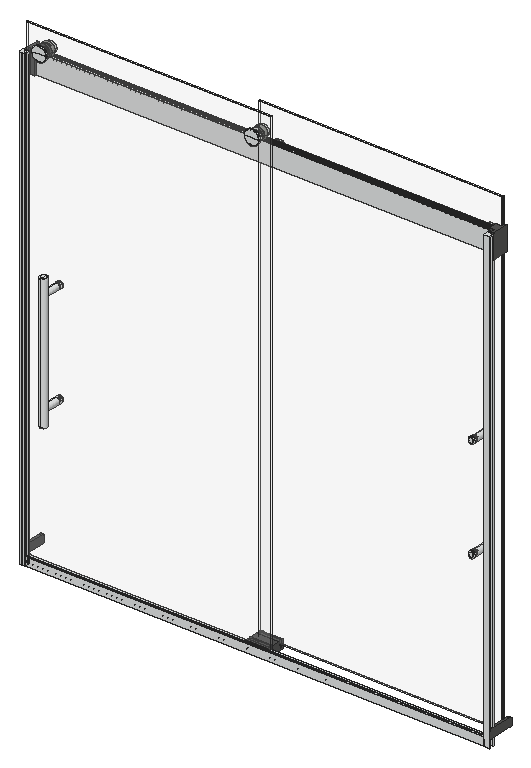
Revit family "Shower-Shower_Door-KOHLER-Levity_Plus-K-702419_1", category Specialty Equipment, host Face, Revit 2022 (continued)
Definition of nested family "K-702419"
  Lines and regions (in)
    symbolic lines, detail levels medium+fine
      curve 194: arc (-0.06152, 0.4133, 58.7811) -> (-0.0169, 0.48054, 58.7811) -> (0.00112, 0.5592, 58.7811) r 0.225
      curve 195: line (-2.73162, 0.92215, 58.7811) -> (-2.73162, 0.7253, 58.7811)
      curve 196: line (-1.26569, 0.92215, 58.7811) -> (-1.46254, 0.92215, 58.7811)
      curve 197: line (-1.26569, 0.92215, 58.7811) -> (-1.26569, 0.7253, 58.7811)
      curve 198: line (-2.69269, 1.69975, 58.7811) -> (-28.30462, 1.69975, 58.7811)
      curve 199: line (-1.30462, 1.44737, 58.7811) -> (27.34892, 1.44737, 58.7811)
      curve 200: line (-1.19089, 1.24538, 58.7811) -> (27.34819, 1.24538, 58.7811)
      curve 201: line (-1.46254, 1.04592, 58.7811) -> (27.34747, 1.04592, 58.7811)
      curve 202: line (-2.53477, 0.92215, 58.7811) -> (-1.46254, 0.92215, 58.7811)
      curve 203: line (-0.08877, 1.92648, 58.7811) -> (-0.34077, 1.92648, 58.7811)
      curve 204: line (27.55906, 0.18164, 58.7811) -> (-1.338, 0.18164, 58.7811)
      curve 205: line (27.55906, -0.19878, 58.7811) -> (27.55906, 0.32756, 58.7811)
      curve 206: line (27.35065, 1.92648, 58.7811) -> (27.34722, 0.97838, 58.7811)
      curve 207: line (28.13475, 2.40428, 58.7811) -> (28.3362, 2.40428, 58.7811)
      curve 208: arc (28.13475, 2.40428, 58.7811) -> (28.06271, 2.37444, 58.7811) -> (28.03287, 2.30241, 58.7811) r 0.10187
      curve 209: line (28.03287, 2.09932, 58.7811) -> (28.03287, 2.30241, 58.7811)
      curve 210: arc (27.99574, 2.02713, 58.7811) -> (28.02304, 2.05873, 58.7811) -> (28.03287, 2.09932, 58.7811) r 0.08874
      curve 211: line (28.03062, 0.32756, 58.7811) -> (28.3362, 0.32756, 58.7811)
      curve 212: line (-0.34077, 0.97838, 58.7811) -> (-1.46254, 0.97838, 58.7811)
      curve 213: line (-3.12027, 0.97838, 58.7811) -> (-2.53477, 0.97838, 58.7811)
      curve 214: line (-1.64495, 2.82297, 58.7811) -> (-0.31656, 2.82297, 58.7811)
      curve 215: line (-1.58693, 2.52933, 58.7811) -> (-0.37458, 2.52933, 58.7811)
      curve 216: line (-1.58693, 2.47993, 58.7811) -> (-0.37458, 2.47993, 58.7811)
      curve 217: line (-1.92025, 2.86452, 58.7811) -> (-0.04126, 2.86452, 58.7811)
      curve 218: line (-0.04126, 2.99102, 58.7811) -> (-1.92025, 2.99102, 58.7811)
      curve 219: line (-1.71685, 2.16793, 58.7811) -> (-0.24467, 2.16793, 58.7811)
      curve 220: line (24.01984, 2.13223, 58.7811) -> (24.51984, 2.13223, 58.7811)
      curve 221: line (24.01984, 2.16793, 58.7811) -> (24.51984, 2.16793, 58.7811)
      curve 222: line (23.8953, 2.47993, 58.7811) -> (24.64438, 2.47993, 58.7811)
      curve 223: circle (24.26984, 4.47693, 58.7811) r 0.3885 normal (0, 0, 1)
      curve 224: arc (23.8953, 4.27635, 58.7811) -> (24.26984, 4.05206, 58.7811) -> (24.64438, 4.27635, 58.7811) r 0.42487
      curve 225: line (25.35565, 2.82297, 58.7811) -> (26.68403, 2.82297, 58.7811)
      curve 226: line (25.41366, 2.52933, 58.7811) -> (26.62602, 2.52933, 58.7811)
      curve 227: line (25.41366, 2.47993, 58.7811) -> (26.62602, 2.47993, 58.7811)
      curve 228: line (25.07959, 2.99027, 58.7811) -> (26.96009, 2.99027, 58.7811)
      curve 229: line (25.07959, 2.86527, 58.7811) -> (26.96009, 2.86527, 58.7811)
      curve 230: line (25.28375, 2.16793, 58.7811) -> (26.75593, 2.16793, 58.7811)
      curve 231: line (-3.12027, 1.92648, 58.7811) -> (-0.34077, 1.92648, 58.7811)
      curve 232: line (-0.35824, 2.16793, 58.7811) -> (-3.12027, 2.16793, 58.7811)
      curve 233: line (-3.12027, 2.56152, 58.7811) -> (-0.34077, 2.56152, 58.7811)
  Dimensions and locks (in)
    plane 4 to level = 61.5748"
    plane 5 to level = 17.71654"
    plane 6 to plane 5 = 17.00787"
    "Walk Thru": plane 8 to plane 3 "Center (Left/Right)"
    locked: plane 9 to plane 8 at 0.77715
    plane 3 "Center (Left/Right)" to plane 7 = 31.3134"
    "Width": plane 9 to plane 7
    locked: plane 8 to plane 10 "E" at 3.28921
    plane 12 to level = 55.55118"
    plane 13 to plane 12 = 2.55906"
    plane 17 to plane 18 = 6.92913"
    locked: plane 23 "C" to plane 10 "E" at 1.75
    locked: plane 9 to plane 26 at 0.34046
    locked: plane 25 "D" to plane 10 "E" at 25.2506
    aligned and locked: plane 2 to level
    aligned and locked: plane 8 to Extrusion 5
    aligned and locked: plane 8 to Extrusion 8
    aligned and locked: plane 9 to Extrusion 18 sketch curve
    aligned and locked: plane 9 to Extrusion 19
    aligned and locked: plane 26 to Extrusion 19
    aligned and locked: plane 8 to Extrusion 20 sketch curve
    aligned and locked: plane 9 to Extrusion 20 sketch curve
    aligned and locked: plane 26 to Extrusion 22 sketch curve
    aligned and locked: Extrusion 10 to Masking region 1 sketch curve
    aligned and locked: Masking region 2 sketch curve to plane 9
    aligned and locked: Masking region 2 sketch curve to Extrusion 18
    aligned and locked: Masking region 2 sketch curve to plane 8
    aligned and locked: Extrusion 18 to curve 87
    aligned and locked: Extrusion 9 to Revolve 25 sketch curve
    aligned and locked: plane 9 to Masking region 3 sketch curve
    aligned and locked: Extrusion 10 to Masking region 3 sketch curve  (x2)
    aligned and locked: Revolve 13 to Masking region 4 sketch curve
    aligned and locked: Masking region 4 sketch curve to Extrusion 22
    aligned and locked: plane 26 to Masking region 4 sketch curve
    aligned and locked: plane 8 to Extrusion 31
  Automatic sketch dimensions
    Extrusion 1 sketch curve to plane 7 = 0"
    Extrusion 1 sketch curve to Extrusion 1 sketch curve = 0.03079"
    plane 7 to Extrusion 1 sketch curve = 0.0315"
    Extrusion 1 sketch curve to Extrusion 1 sketch curve = 0.2541"
    Extrusion 1 sketch curve to Extrusion 1 sketch curve = 0.25668"
    plane 7 to Extrusion 1 sketch curve = 81/256"
    Extrusion 1 sketch curve to Extrusion 1 sketch curve = 0.0315"  (x2)
    Extrusion 1 sketch curve to Extrusion 1 sketch curve = 0.60218"
    Extrusion 1 sketch curve to Extrusion 1 sketch curve = 0.03039"
    Extrusion 1 sketch curve to plane 1 "Center (Front/Back)" = 0.35413"
    Extrusion 1 sketch curve to Extrusion 1 sketch curve = 0.47171"
    Extrusion 1 sketch curve to Extrusion 1 sketch curve = 1.10192"
    Extrusion 1 sketch curve to Extrusion 1 sketch curve = 0.00743"
    Extrusion 1 sketch curve to Extrusion 1 sketch curve = 0.34229"
    Extrusion 2 sketch curve to plane 7 = 0"  (x2)
    plane 1 "Center (Front/Back)" to Extrusion 2 sketch curve = 0"  (x2)
    plane 7 to Extrusion 2 sketch curve = 0.05752"  (x2)
    plane 7 to Extrusion 2 sketch curve = 0.18908"
    Extrusion 2 sketch curve to Extrusion 2 sketch curve = 0.04131"
    Extrusion 2 sketch curve to Extrusion 2 sketch curve = 0.09136"
    Extrusion 2 sketch curve to Extrusion 2 sketch curve = 0.19461"  (x2)
    Extrusion 2 sketch curve to Extrusion 2 sketch curve = 0.14115"  (x2)
    plane 1 "Center (Front/Back)" to Extrusion 2 sketch curve = 0.32797"
    Extrusion 2 sketch curve to Extrusion 2 sketch curve = 0.00361"  (x2)
    Extrusion 2 sketch curve to Extrusion 2 sketch curve = 0.10339"
    plane 1 "Center (Front/Back)" to Extrusion 2 sketch curve = 0.30702"
    Extrusion 2 sketch curve to Extrusion 2 sketch curve = 0.03454"  (x2)
    Extrusion 2 sketch curve to Extrusion 2 sketch curve = 0.01994"  (x2)
    Extrusion 2 sketch curve to Extrusion 2 sketch curve = 0.04271"  (x2)
    Extrusion 2 sketch curve to Extrusion 2 sketch curve = 0.06265"
    Extrusion 2 sketch curve to plane 1 "Center (Front/Back)" = 0.20982"
    Extrusion 2 sketch curve to Extrusion 2 sketch curve = 0"
    Extrusion 2 sketch curve to plane 1 "Center (Front/Back)" = 0.22464"
    Extrusion 3 sketch curve to plane 7 = 0"
    Extrusion 3 sketch curve to Extrusion 3 sketch curve = 0.05752"  (x2)
    plane 1 "Center (Front/Back)" to Extrusion 3 sketch curve = 0.32797"
    Extrusion 3 sketch curve to Extrusion 3 sketch curve = 0.59999"  (x2)
    Extrusion 3 sketch curve to Extrusion 3 sketch curve = 0.00361"  (x2)
    Extrusion 3 sketch curve to Extrusion 3 sketch curve = 0.10339"
    plane 1 "Center (Front/Back)" to Extrusion 3 sketch curve = 0.30702"
    Extrusion 3 sketch curve to Extrusion 3 sketch curve = 0.05449"  (x2)
    Extrusion 3 sketch curve to plane 1 "Center (Front/Back)" = 0.22464"
    Extrusion 3 sketch curve to plane 1 "Center (Front/Back)" = 0.25253"
    plane 1 "Center (Front/Back)" to Extrusion 4 sketch curve = 0.20982"
    plane 22 to Extrusion 4 sketch curve = 1.55993"
    Extrusion 4 sketch curve to Extrusion 4 sketch curve = 0.01972"
    Extrusion 4 sketch curve to Extrusion 4 sketch curve = 0.25882"
    level to Extrusion 4 sketch curve = 1.05663"
    Extrusion 4 sketch curve to Extrusion 4 sketch curve = 0.57809"
    Extrusion 5 sketch curve to level = 0"
    Extrusion 5 sketch curve to plane 1 "Center (Front/Back)" = 0"
    plane 1 "Center (Front/Back)" to Extrusion 5 sketch curve = 0.19878"
    Extrusion 5 sketch curve to plane 1 "Center (Front/Back)" = 3/128"
    Extrusion 5 sketch curve to Extrusion 5 sketch curve = 0.04434"
    Extrusion 5 sketch curve to Extrusion 5 sketch curve = 0.04019"
    Extrusion 5 sketch curve to Extrusion 5 sketch curve = 0.07819"
    Extrusion 5 sketch curve to Extrusion 5 sketch curve = 0.0297"
    Extrusion 5 sketch curve to Extrusion 5 sketch curve = 0.02696"
    level to Extrusion 5 sketch curve = 0.07959"
    Extrusion 5 sketch curve to plane 1 "Center (Front/Back)" = 0.14319"
    Extrusion 5 sketch curve to Extrusion 5 sketch curve = 0.05652"
    Extrusion 5 sketch curve to Extrusion 5 sketch curve = 0.06857"
    Extrusion 5 sketch curve to Extrusion 5 sketch curve = 0.02971"
    Extrusion 5 sketch curve to Extrusion 5 sketch curve = 0.03753"
    Extrusion 5 sketch curve to Extrusion 5 sketch curve = 0.02998"
    Extrusion 5 sketch curve to Extrusion 5 sketch curve = 45/128"
    Extrusion 5 sketch curve to Extrusion 5 sketch curve = 0.34333"
    Extrusion 5 sketch curve to Extrusion 5 sketch curve = 0.07224"
    Extrusion 5 sketch curve to Extrusion 5 sketch curve = 0.01101"
    Extrusion 5 sketch curve to Extrusion 5 sketch curve = 15/128"
    Extrusion 5 sketch curve to Extrusion 5 sketch curve = 0.50603"
    Extrusion 5 sketch curve to Extrusion 5 sketch curve = 0.00157"
    Extrusion 5 sketch curve to Extrusion 5 sketch curve = 0.02425"
    Extrusion 5 sketch curve to Extrusion 5 sketch curve = 0.01999"
    Extrusion 5 sketch curve to Extrusion 5 sketch curve = 0.04542"
    Extrusion 5 sketch curve to Extrusion 5 sketch curve = 0.01816"
    Revolve 6 sketch curve to plane 16 = 0"  (x2)
    Revolve 6 sketch curve to plane 1 "Center (Front/Back)" = 1.79905"
    Revolve 6 sketch curve to Revolve 6 sketch curve = 0.36643"
    Revolve 6 sketch curve to Revolve 6 sketch curve = 0.18701"  (x2)
    Revolve 6 sketch curve to Revolve 6 sketch curve = 0.13646"
    Revolve 6 sketch curve to Revolve 6 sketch curve = 0.19685"  (x2)
    Revolve 6 sketch curve to Revolve 6 sketch curve = 0.35769"
    Revolve 6 sketch curve to plane 1 "Center (Front/Back)" = 0.06827"
    Revolve 6 sketch curve to plane 1 "Center (Front/Back)" = 0.02811"
    plane 1 "Center (Front/Back)" to Revolve 6 sketch curve = 0.09751"
    Revolve 6 sketch curve to Revolve 6 sketch curve = 0.04293"
    plane 16 to Revolve 6 sketch curve = 0.4638"
    plane 16 to Revolve 6 sketch curve = 0.47661"
    Revolve 6 sketch curve to Revolve 6 sketch curve = 0.05951"
    Revolve 6 sketch curve to Revolve 6 sketch curve = 0.21742"
    Revolve 6 sketch curve to Revolve 6 sketch curve = 0.26917"
    Revolve 6 sketch curve to Revolve 6 sketch curve = 0.05219"
    Revolve 6 sketch curve to Revolve 6 sketch curve = 0.23207"
    Revolve 6 sketch curve to Revolve 6 sketch curve = 0.00276"
    Revolve 6 sketch curve to Revolve 6 sketch curve = 0.04017"
    Revolve 6 sketch curve to Revolve 6 sketch curve = 0.98425"
    Revolve 6 sketch curve to Revolve 6 sketch curve = 0"
    Revolve 7 sketch curve to plane 15 = 0"  (x2)
    Revolve 7 sketch curve to plane 1 "Center (Front/Back)" = 1.79905"
    Revolve 7 sketch curve to Revolve 7 sketch curve = 0.36643"
    Revolve 7 sketch curve to Revolve 7 sketch curve = 0.18701"  (x2)
    Revolve 7 sketch curve to Revolve 7 sketch curve = 0.13646"
    Revolve 7 sketch curve to Revolve 7 sketch curve = 0.19685"  (x2)
    Revolve 7 sketch curve to Revolve 7 sketch curve = 0.35769"
    Revolve 7 sketch curve to plane 1 "Center (Front/Back)" = 0.06827"
    Revolve 7 sketch curve to plane 1 "Center (Front/Back)" = 0.02811"
    plane 1 "Center (Front/Back)" to Revolve 7 sketch curve = 0.09751"
    Revolve 7 sketch curve to Revolve 7 sketch curve = 0.04293"
    plane 15 to Revolve 7 sketch curve = 0.4638"
    plane 15 to Revolve 7 sketch curve = 0.47661"
    Revolve 7 sketch curve to Revolve 7 sketch curve = 0.05951"
    Revolve 7 sketch curve to Revolve 7 sketch curve = 0.21742"
    Revolve 7 sketch curve to Revolve 7 sketch curve = 0.26917"
    Revolve 7 sketch curve to Revolve 7 sketch curve = 0.05219"
    Revolve 7 sketch curve to Revolve 7 sketch curve = 0.23207"
    Revolve 7 sketch curve to Revolve 7 sketch curve = 0.00276"
    Revolve 7 sketch curve to Revolve 7 sketch curve = 0.04017"
    Revolve 7 sketch curve to Revolve 7 sketch curve = 0.98425"
    Revolve 7 sketch curve to Revolve 7 sketch curve = 0"
    Extrusion 8 sketch curve to plane 12 = 0"
    Extrusion 8 sketch curve to plane 13 = 0"  (x2)
    Extrusion 8 sketch curve to plane 1 "Center (Front/Back)" = 0.97838"
    Extrusion 8 sketch curve to plane 13 = 0.01983"
    Extrusion 8 sketch curve to Extrusion 8 sketch curve = 0.04771"
    Extrusion 8 sketch curve to plane 13 = 0.17086"
    Extrusion 8 sketch curve to Extrusion 8 sketch curve = 0.19946"
    Extrusion 8 sketch curve to Extrusion 8 sketch curve = 0.06749"
    Extrusion 8 sketch curve to Extrusion 8 sketch curve = 0.07625"
    Extrusion 8 sketch curve to plane 13 = 0.09209"
    Extrusion 8 sketch curve to Extrusion 8 sketch curve = 0.10945"
    Extrusion 8 sketch curve to Extrusion 8 sketch curve = 0.00724"
    Extrusion 8 sketch curve to Extrusion 8 sketch curve = 0.01781"
    Extrusion 8 sketch curve to Extrusion 8 sketch curve = 0.07472"
    plane 12 to Extrusion 8 sketch curve = 0.24844"
    Extrusion 8 sketch curve to Extrusion 8 sketch curve = 0.26709"
    Extrusion 8 sketch curve to Extrusion 8 sketch curve = 0.25238"
    Extrusion 8 sketch curve to Extrusion 8 sketch curve = 0.11432"
    Extrusion 8 sketch curve to Extrusion 8 sketch curve = 0.167"
    Extrusion 8 sketch curve to Extrusion 8 sketch curve = 0.38221"
    Extrusion 8 sketch curve to Extrusion 8 sketch curve = 0.02708"
    plane 12 to Extrusion 8 sketch curve = 0.06014"
    Extrusion 8 sketch curve to Extrusion 8 sketch curve = 0.03426"
    Extrusion 8 sketch curve to Extrusion 8 sketch curve = 0.04358"
    Extrusion 8 sketch curve to Extrusion 8 sketch curve = 0.05805"
    Extrusion 8 sketch curve to Extrusion 8 sketch curve = 0.04965"
    Extrusion 8 sketch curve to Extrusion 8 sketch curve = 0.03062"
    Extrusion 8 sketch curve to Extrusion 8 sketch curve = 0.27127"
    Extrusion 8 sketch curve to Extrusion 8 sketch curve = 0.01337"
    Extrusion 8 sketch curve to Extrusion 8 sketch curve = 1/8"
    Extrusion 8 sketch curve to Extrusion 8 sketch curve = 0.62317"
    Extrusion 8 sketch curve to Extrusion 8 sketch curve = 0.09894"
    Extrusion 8 sketch curve to Extrusion 8 sketch curve = 0.11003"
    Extrusion 8 sketch curve to Extrusion 8 sketch curve = 0.06863"
    Extrusion 8 sketch curve to Extrusion 8 sketch curve = 0.04403"
    Extrusion 8 sketch curve to Extrusion 8 sketch curve = 0.07343"
    Extrusion 8 sketch curve to Extrusion 8 sketch curve = 0.06223"
    Extrusion 9 sketch curve to plane 3 "Center (Left/Right)" = 0.06152"  (x2)
    Extrusion 9 sketch curve to plane 1 "Center (Front/Back)" = 0.7253"
    Extrusion 9 sketch curve to Extrusion 9 sketch curve = 0.156"  (x2)
    Extrusion 9 sketch curve to plane 3 "Center (Left/Right)" = 0.22365"
    plane 7 to Extrusion 9 sketch curve = 0.56656"
    Extrusion 9 sketch curve to Extrusion 9 sketch curve = 0.18895"
    Extrusion 10 sketch curve to level = 0"
    Extrusion 10 sketch curve to plane 1 "Center (Front/Back)" = 0.30693"
    Extrusion 10 sketch curve to Extrusion 10 sketch curve = 0.16911"
    Extrusion 10 sketch curve to Extrusion 10 sketch curve = 0.03435"
    Extrusion 10 sketch curve to Extrusion 10 sketch curve = 0.04675"
    Extrusion 10 sketch curve to Extrusion 10 sketch curve = 0.27567"
    Extrusion 10 sketch curve to Extrusion 10 sketch curve = 0.02104"  (x2)
    level to Extrusion 10 sketch curve = 0.22974"  (x2)
    Extrusion 10 sketch curve to Extrusion 10 sketch curve = 0.10752"
    Extrusion 10 sketch curve to Extrusion 10 sketch curve = 0.08964"  (x2)
    Extrusion 10 sketch curve to Extrusion 10 sketch curve = 0.18469"  (x2)
    level to Extrusion 10 sketch curve = 0.22333"  (x2)
    Extrusion 10 sketch curve to Extrusion 10 sketch curve = 0.08608"  (x2)
    Extrusion 10 sketch curve to plane 1 "Center (Front/Back)" = 0.99117"
    Extrusion 10 sketch curve to Extrusion 10 sketch curve = 0.41665"  (x2)
    Extrusion 10 sketch curve to Extrusion 10 sketch curve = 0.04608"  (x2)
    Extrusion 10 sketch curve to Extrusion 10 sketch curve = 1.03242"
    level to Extrusion 10 sketch curve = 1.02412"
    Extrusion 10 sketch curve to Extrusion 10 sketch curve = 0.04197"
    Extrusion 10 sketch curve to Extrusion 10 sketch curve = 0.13366"
    level to Extrusion 10 sketch curve = 1.04611"
    Extrusion 10 sketch curve to Extrusion 10 sketch curve = 0.02291"
    Extrusion 10 sketch curve to Extrusion 10 sketch curve = 0.2467"
    level to Extrusion 10 sketch curve = 0.08994"
    Extrusion 10 sketch curve to Extrusion 10 sketch curve = 0.03772"
    Extrusion 10 sketch curve to Extrusion 10 sketch curve = 0.08809"
    Extrusion 10 sketch curve to Extrusion 10 sketch curve = 0.08169"
    Extrusion 10 sketch curve to Extrusion 10 sketch curve = 0.79837"
    Extrusion 10 sketch curve to Extrusion 10 sketch curve = 0.00241"
    Extrusion 10 sketch curve to Extrusion 10 sketch curve = 0.0012"
    Extrusion 10 sketch curve to Extrusion 10 sketch curve = 0.02268"
    Extrusion 10 sketch curve to Extrusion 10 sketch curve = 0.02105"
    Extrusion 10 sketch curve to Extrusion 10 sketch curve = 0.00037"
    Extrusion 10 sketch curve to Extrusion 10 sketch curve = 1.18136"
    plane 19 to Revolve 11 sketch curve = 0"  (x2)
    Revolve 11 sketch curve to plane 21 = 0.174"
    Revolve 11 sketch curve to plane 1 "Center (Front/Back)" = 0.4133"
    Revolve 11 sketch curve to Revolve 11 sketch curve = 0.34891"
    Revolve 11 sketch curve to Revolve 11 sketch curve = 0.03514"
    Revolve 11 sketch curve to Revolve 11 sketch curve = 0.19072"
    Revolve 11 sketch curve to Revolve 11 sketch curve = 0.03275"
    Revolve 11 sketch curve to plane 19 = 1/4"
    Revolve 11 sketch curve to Revolve 11 sketch curve = 0.11446"
    Revolve 11 sketch curve to Revolve 11 sketch curve = 1/8"
    plane 17 to Revolve 11 sketch curve = 35/128"
    Revolve 11 sketch curve to Revolve 11 sketch curve = 0.51073"
    Revolve 12 sketch curve to plane 17 = 0"
    Revolve 12 sketch curve to plane 5 = 0"
    Revolve 12 sketch curve to plane 6 = 0"
    Revolve 12 sketch curve to plane 21 = 0"  (x2)
    Revolve 12 sketch curve to plane 17 = 0.04993"
    Revolve 12 sketch curve to plane 17 = 0.05514"
    plane 5 to Revolve 12 sketch curve = 0.04993"
    Revolve 12 sketch curve to plane 6 = 0.05514"
    plane 6 to Revolve 12 sketch curve = 0.28607"
    Revolve 12 sketch curve to Revolve 12 sketch curve = 0.3937"
    plane 24 "X" to Revolve 13 sketch curve = 0"  (x2)
    Revolve 13 sketch curve to plane 24 "X" = 0.60618"
    Revolve 13 sketch curve to Revolve 13 sketch curve = 0.05802"
    Revolve 13 sketch curve to Revolve 13 sketch curve = 0.12991"
    Revolve 13 sketch curve to Revolve 13 sketch curve = 0.23375"
    Revolve 13 sketch curve to Revolve 13 sketch curve = 0.00086"
    Revolve 13 sketch curve to Revolve 13 sketch curve = 0.04165"  (x2)
    plane 22 to Revolve 13 sketch curve = 1.44522"
    Revolve 13 sketch curve to Revolve 13 sketch curve = 0.04078"
    Revolve 13 sketch curve to Revolve 13 sketch curve = 0.12631"
    Revolve 13 sketch curve to Revolve 13 sketch curve = 0.29364"
    Revolve 13 sketch curve to Revolve 13 sketch curve = 0.3614"
    Revolve 13 sketch curve to Revolve 13 sketch curve = 0.25664"
    Revolve 13 sketch curve to Revolve 13 sketch curve = 0.3937"
    Revolve 13 sketch curve to Revolve 13 sketch curve = 0.50511"
    plane 24 "X" to Revolve 14 sketch curve = 0"  (x2)
    Revolve 14 sketch curve to plane 24 "X" = 0.60618"
    Revolve 14 sketch curve to Revolve 14 sketch curve = 0.05802"
    Revolve 14 sketch curve to Revolve 14 sketch curve = 0.12991"
    Revolve 14 sketch curve to Revolve 14 sketch curve = 0.23375"
    Revolve 14 sketch curve to Revolve 14 sketch curve = 0.00086"
    Revolve 14 sketch curve to Revolve 14 sketch curve = 0.04165"  (x2)
    plane 22 to Revolve 14 sketch curve = 1.44522"
    Revolve 14 sketch curve to Revolve 14 sketch curve = 0.04078"
    Revolve 14 sketch curve to Revolve 14 sketch curve = 0.12631"
    Revolve 14 sketch curve to Revolve 14 sketch curve = 0.29364"
    Revolve 14 sketch curve to Revolve 14 sketch curve = 0.3614"
    Revolve 14 sketch curve to Revolve 14 sketch curve = 0.25664"
    Revolve 14 sketch curve to Revolve 14 sketch curve = 0.3937"
    Revolve 14 sketch curve to Revolve 14 sketch curve = 0.50511"
    plane 20 to Revolve 15 sketch curve = 0"  (x2)
    Revolve 15 sketch curve to plane 20 = 1/4"
    Revolve 15 sketch curve to Revolve 15 sketch curve = 0.11446"
    Revolve 15 sketch curve to Revolve 15 sketch curve = 0.00238"
    Revolve 15 sketch curve to Revolve 15 sketch curve = 1/8"
    Revolve 15 sketch curve to Revolve 15 sketch curve = 0.03514"
    Revolve 15 sketch curve to plane 22 = 0.00834"
    plane 22 to Revolve 15 sketch curve = 1.99579"
    Revolve 15 sketch curve to Revolve 15 sketch curve = 0.34891"
    Revolve 15 sketch curve to Revolve 15 sketch curve = 0.19072"
    plane 18 to Revolve 15 sketch curve = 0.29339"
    Revolve 15 sketch curve to Revolve 15 sketch curve = 0.51073"
    plane 19 to Revolve 16 sketch curve = 0"  (x2)
    Revolve 16 sketch curve to plane 19 = 1/4"
    Revolve 16 sketch curve to Revolve 16 sketch curve = 0.11446"
    Revolve 16 sketch curve to Revolve 16 sketch curve = 0.00238"
    Revolve 16 sketch curve to Revolve 16 sketch curve = 1/8"
    Revolve 16 sketch curve to Revolve 16 sketch curve = 0.03514"
    Revolve 16 sketch curve to plane 22 = 0.00834"
    plane 22 to Revolve 16 sketch curve = 1.997"
    Revolve 16 sketch curve to Revolve 16 sketch curve = 0.3477"
    Revolve 16 sketch curve to Revolve 16 sketch curve = 0.19072"
    plane 18 to Revolve 16 sketch curve = 0.29339"
    Revolve 16 sketch curve to Revolve 16 sketch curve = 0.51073"
    plane 1 "Center (Front/Back)" to Extrusion 19 sketch curve = 0.23901"
    plane 22 to Extrusion 19 sketch curve = 1.55993"
    Extrusion 19 sketch curve to Extrusion 19 sketch curve = 0.01972"
    Extrusion 19 sketch curve to Extrusion 19 sketch curve = 0.25882"
    level to Extrusion 19 sketch curve = 2.13263"
    Extrusion 19 sketch curve to Extrusion 19 sketch curve = 0.57809"
    plane 22 to Extrusion 22 sketch curve = 1.997"
    Extrusion 22 sketch curve to Extrusion 22 sketch curve = 0.04735"
    Extrusion 22 sketch curve to Extrusion 22 sketch curve = 0.156"  (x2)
    Extrusion 22 sketch curve to Extrusion 22 sketch curve = 0.21741"
    plane 25 "D" to Extrusion 22 sketch curve = 1.7744"
    Extrusion 22 sketch curve to Extrusion 22 sketch curve = 0.16214"
    Masking region 1 sketch curve to plane 4 = 0"  (x2)
    Masking region 1 sketch curve to plane 6 = 0"  (x2)
    Masking region 1 sketch curve to plane 18 = 0"
    Masking region 1 sketch curve to plane 17 = 0"
    plane 20 to Masking region 1 sketch curve = 0"  (x2)
    plane 19 to Masking region 1 sketch curve = 0"  (x2)
    Masking region 1 sketch curve to plane 5 = 0"  (x2)
    Masking region 1 sketch curve to level = 0"  (x2)
    plane 1 "Center (Front/Back)" to Masking region 1 sketch curve = 0.09747"
    Masking region 1 sketch curve to plane 14 "A" = 0.93569"
    Masking region 1 sketch curve to Masking region 1 sketch curve = 0.04099"
    Masking region 1 sketch curve to Masking region 1 sketch curve = 11/256"  (x2)
    Masking region 1 sketch curve to plane 14 "A" = 0.74622"
    Masking region 1 sketch curve to Masking region 1 sketch curve = 0"  (x5)
    Masking region 1 sketch curve to Masking region 1 sketch curve = 0.01326"
    Masking region 1 sketch curve to Masking region 1 sketch curve = 0.05219"
    Masking region 1 sketch curve to plane 1 "Center (Front/Back)" = 0.06827"
    Masking region 1 sketch curve to Masking region 1 sketch curve = 0.23405"
    Masking region 1 sketch curve to Masking region 1 sketch curve = 0.21011"
    Masking region 1 sketch curve to Masking region 1 sketch curve = 0.04123"
    Masking region 1 sketch curve to Masking region 1 sketch curve = 0.19685"
    plane 13 to Masking region 1 sketch curve = 0.25632"
    plane 13 to Masking region 1 sketch curve = 0.21982"
    Masking region 1 sketch curve to plane 13 = 0.53937"
    Masking region 1 sketch curve to Masking region 1 sketch curve = 0.04078"  (x3)
    Masking region 1 sketch curve to Masking region 1 sketch curve = 0.04165"  (x4)
    Masking region 1 sketch curve to Masking region 1 sketch curve = 0.23375"
    Masking region 1 sketch curve to Masking region 1 sketch curve = 0.05796"  (x2)
    plane 12 to Masking region 1 sketch curve = 0.47386"
    plane 12 to Masking region 1 sketch curve = 0.18215"
    plane 12 to Masking region 1 sketch curve = 0.18128"
    Masking region 1 sketch curve to plane 12 = 0.19502"  (x2)
    Masking region 1 sketch curve to plane 6 = 0.03637"  (x2)
    Masking region 1 sketch curve to plane 6 = 0.05514"  (x2)
    Masking region 1 sketch curve to plane 20 = 0.39907"  (x2)
    Masking region 1 sketch curve to plane 20 = 3/8"  (x3)
    Masking region 1 sketch curve to Masking region 1 sketch curve = 0.03133"  (x8)
    Masking region 1 sketch curve to Masking region 1 sketch curve = 0.03399"  (x4)
    Masking region 1 sketch curve to Masking region 1 sketch curve = 0.11558"  (x8)
    plane 20 to Masking region 1 sketch curve = 0.2495"  (x2)
    Masking region 1 sketch curve to Masking region 1 sketch curve = 0.00266"  (x4)
    plane 20 to Masking region 1 sketch curve = 3/8"  (x3)
    Masking region 1 sketch curve to plane 19 = 0.39907"  (x2)
    Masking region 1 sketch curve to plane 19 = 3/8"  (x3)
    plane 19 to Masking region 1 sketch curve = 0.2495"  (x2)
    Masking region 1 sketch curve to Masking region 1 sketch curve = 0.1255"  (x2)
    plane 19 to Masking region 1 sketch curve = 3/8"
    plane 5 to Masking region 1 sketch curve = 0.04993"  (x2)
    plane 5 to Masking region 1 sketch curve = 0.03117"  (x2)
    Masking region 1 sketch curve to plane 1 "Center (Front/Back)" = 0.99117"
    level to Masking region 1 sketch curve = 2.24921"
    Masking region 1 sketch curve to Masking region 1 sketch curve = 0.11658"
    Masking region 1 sketch curve to Masking region 1 sketch curve = 0.25882"
    Masking region 1 sketch curve to Masking region 1 sketch curve = 0.57809"
    Masking region 1 sketch curve to Masking region 1 sketch curve = 0.23909"
    level to Masking region 1 sketch curve = 1.05663"
    Masking region 1 sketch curve to Masking region 1 sketch curve = 0.03251"
    Masking region 1 sketch curve to Masking region 1 sketch curve = 0.00241"
    Masking region 1 sketch curve to Masking region 1 sketch curve = 0.33649"
    Masking region 1 sketch curve to Masking region 1 sketch curve = 0.35205"
    level to Masking region 1 sketch curve = 0.2313"  (x2)
    Masking region 1 sketch curve to Masking region 1 sketch curve = 0.00156"  (x2)
    Masking region 1 sketch curve to Masking region 1 sketch curve = 0.00346"  (x2)
    Masking region 1 sketch curve to Masking region 1 sketch curve = 0.00451"  (x2)
    level to Masking region 1 sketch curve = 0.16201"
    Masking region 1 sketch curve to Masking region 1 sketch curve = 0.08966"
    Masking region 1 sketch curve to Masking region 1 sketch curve = 0.0862"
    Masking region 1 sketch curve to Masking region 1 sketch curve = 0.03435"
    Masking region 1 sketch curve to Masking region 1 sketch curve = 0.03772"
    level to Masking region 1 sketch curve = 0.08036"
    Masking region 1 sketch curve to Masking region 1 sketch curve = 0.01035"
    Masking region 1 sketch curve to plane 18 = 0.03117"
    Masking region 1 sketch curve to plane 18 = 0.03637"
    plane 22 to Masking region 1 sketch curve = 0.3885"
    plane 22 to Masking region 1 sketch curve = 0.3937"
    plane 22 to Masking region 1 sketch curve = 0.42487"  (x2)
    Masking region 1 sketch curve to Masking region 1 sketch curve = 0.03117"
    plane 22 to Masking region 1 sketch curve = 1.30112"
    plane 22 to Masking region 1 sketch curve = 1.44522"
    Masking region 1 sketch curve to Masking region 1 sketch curve = 0.12631"  (x2)
    Masking region 1 sketch curve to Masking region 1 sketch curve = 0.52103"
    Masking region 1 sketch curve to Masking region 1 sketch curve = 0.19815"
    Masking region 1 sketch curve to Masking region 1 sketch curve = 0.17689"
    Masking region 1 sketch curve to Masking region 1 sketch curve = 0.27433"
    Masking region 1 sketch curve to Masking region 1 sketch curve = 0.29364"  (x2)
    Masking region 1 sketch curve to Masking region 1 sketch curve = 0.0494"
    Masking region 1 sketch curve to Masking region 1 sketch curve = 1.57213"
    plane 22 to Masking region 1 sketch curve = 1.997"
    Masking region 1 sketch curve to Masking region 1 sketch curve = 0.08175"
    Masking region 1 sketch curve to Masking region 1 sketch curve = 0.69668"
    Masking region 1 sketch curve to Masking region 1 sketch curve = 0.312"  (x6)
    Masking region 1 sketch curve to Masking region 1 sketch curve = 0.3614"
    Masking region 1 sketch curve to Masking region 1 sketch curve = 0.03691"  (x6)
    Masking region 1 sketch curve to Masking region 1 sketch curve = 0.19286"  (x6)
    Masking region 1 sketch curve to Masking region 1 sketch curve = 0.36888"
    Masking region 1 sketch curve to Masking region 1 sketch curve = 0.36643"
    Masking region 1 sketch curve to Masking region 1 sketch curve = 0.18701"
    Masking region 1 sketch curve to Masking region 1 sketch curve = 0.0752"
    Masking region 1 sketch curve to Masking region 1 sketch curve = 0.03015"
    Masking region 1 sketch curve to Masking region 1 sketch curve = 0.85245"  (x2)
    Masking region 1 sketch curve to Masking region 1 sketch curve = 0.01285"
    Masking region 1 sketch curve to Masking region 1 sketch curve = 0.13646"
    Masking region 1 sketch curve to plane 1 "Center (Front/Back)" = 0.7253"  (x2)
    Masking region 1 sketch curve to Masking region 1 sketch curve = 0.29499"
    Masking region 1 sketch curve to Masking region 1 sketch curve = 0.18469"
    Masking region 1 sketch curve to Masking region 1 sketch curve = 0.11595"
    Masking region 1 sketch curve to Masking region 1 sketch curve = 0.06077"
    Masking region 1 sketch curve to Masking region 1 sketch curve = 0.04675"
    Masking region 1 sketch curve to Masking region 1 sketch curve = 0.05319"
    Masking region 1 sketch curve to Masking region 1 sketch curve = 0.04569"
    Masking region 1 sketch curve to Masking region 1 sketch curve = 0.08574"  (x3)
    Masking region 1 sketch curve to Masking region 1 sketch curve = 0.14848"
    Masking region 1 sketch curve to plane 1 "Center (Front/Back)" = 0.02728"
    plane 1 "Center (Front/Back)" to Masking region 1 sketch curve = 0.19878"
    plane 1 "Center (Front/Back)" to Masking region 1 sketch curve = 0.32803"  (x3)
    Masking region 1 sketch curve to plane 21 = 0.44363"  (x3)
    Masking region 1 sketch curve to Masking region 1 sketch curve = 0.04993"
    Masking region 1 sketch curve to Masking region 1 sketch curve = 0.05514"
    Masking region 1 sketch curve to plane 17 = 0.05514"
    Masking region 1 sketch curve to plane 17 = 0.04993"
    plane 20 to Revolve 23 sketch curve = 0"  (x2)
    Revolve 23 sketch curve to plane 21 = 0.174"
    Revolve 23 sketch curve to plane 1 "Center (Front/Back)" = 0.4133"
    Revolve 23 sketch curve to Revolve 23 sketch curve = 0.34891"
    Revolve 23 sketch curve to Revolve 23 sketch curve = 0.03514"
    Revolve 23 sketch curve to Revolve 23 sketch curve = 0.19072"
    Revolve 23 sketch curve to Revolve 23 sketch curve = 0.03275"
    Revolve 23 sketch curve to plane 20 = 1/4"
    Revolve 23 sketch curve to Revolve 23 sketch curve = 0.11446"
    Revolve 23 sketch curve to Revolve 23 sketch curve = 1/8"
    plane 17 to Revolve 23 sketch curve = 35/128"
    Revolve 23 sketch curve to Revolve 23 sketch curve = 0.51073"
    curve 46 to plane 18 = 0"
    curve 42 to plane 17 = 0"
    plane 20 to curve 34 = 0"
    plane 20 to curve 47 = 0"
    plane 19 to curve 40 = 0"
    plane 19 to curve 52 = 0"
    curve 41 to plane 17 = 0"
    curve 51 to plane 18 = 0"
    curve 13 to plane 12 = 0.19502"
    plane 13 to curve 27 = 0.183"
    curve 23 to curve 25 = 0.03682"
    plane 13 to curve 13 = 0.21982"
    curve 8 to curve 22 = 0.0365"
    level to curve 56 = 0.72015"
    level to curve 58 = 0.08036"
    plane 22 to curve 52 = 0.72534"
    plane 22 to curve 47 = 0.73718"
    plane 22 to curve 13 = 2.07456"
    curve 22 to plane 1 "Center (Front/Back)" = 0.4133"
    curve 56 to plane 1 "Center (Front/Back)" = 0.4133"
    curve 1 to curve 23 = 0.05917"
    curve 22 to curve 21 = 0.02657"
    curve 22 to curve 25 = 0.08166"
    plane 1 "Center (Front/Back)" to curve 58 = 0.20982"
    curve 24 to curve 25 = 0.06265"
    curve 40 to plane 21 = 0.77876"
    curve 34 to plane 21 = 0.74661"
    curve 30 to plane 20 = 0.2495"
    curve 30 to curve 31 = 0"  (x2)
    curve 45 to plane 20 = 0.2495"
    curve 43 to curve 45 = 0"  (x2)
    curve 32 to curve 31 = 0.1255"
    curve 32 to curve 33 = 0"  (x2)
    curve 34 to plane 20 = 3/8"
    curve 47 to plane 20 = 3/8"
    curve 44 to curve 43 = 0.1255"
    curve 29 to plane 20 = 3/8"
    curve 42 to plane 6 = 0.05514"
    curve 46 to plane 6 = 0.03637"
    curve 21 to plane 12 = 0.19502"
    curve 20 to plane 12 = 0.19502"
    curve 23 to curve 21 = 0"
    plane 12 to curve 18 = 0.1405"
    curve 18 to curve 17 = 0"  (x2)
    curve 14 to curve 17 = 0.2754"
    curve 16 to curve 14 = 0.05796"
    curve 15 to curve 16 = 0.00005"
    curve 16 to plane 24 "X" = 0.60623"
    curve 15 to curve 16 = 0"
    curve 14 to curve 15 = 0.05796"
    curve 18 to curve 14 = 0.2754"
    curve 7 to plane 14 "A" = 0.4638"
    curve 6 to curve 7 = 0"
    curve 4 to curve 6 = 0.07232"
    curve 3 to curve 4 = 0"
    curve 9 to plane 1 "Center (Front/Back)" = 0.06827"
    curve 9 to curve 7 = 0.19685"
    curve 2 to curve 3 = 0.15792"
    curve 5 to curve 4 = 0.19685"
    curve 11 to plane 1 "Center (Front/Back)" = 0.02728"
    curve 11 to curve 9 = 0.27504"
    curve 11 to curve 10 = 0"
    plane 20 to curve 43 = 0.2495"
    plane 20 to curve 30 = 0.2495"
    curve 43 to curve 44 = 0.1255"
    plane 20 to curve 33 = 3/8"
    plane 20 to curve 47 = 3/8"
    plane 20 to curve 34 = 3/8"
    plane 20 to curve 29 = 3/8"
    curve 38 to plane 19 = 3/8"
    curve 52 to plane 19 = 3/8"
    curve 40 to plane 19 = 3/8"
    curve 48 to plane 19 = 3/8"
    curve 39 to plane 19 = 3/8"
    curve 37 to curve 38 = 0"  (x2)
    curve 50 to plane 19 = 1/4"
    curve 50 to curve 49 = 0.0005"
    curve 36 to plane 19 = 0.2495"
    curve 35 to curve 36 = 0"  (x2)
    plane 19 to curve 35 = 0.2495"
    plane 19 to curve 49 = 0.2495"
    curve 49 to curve 50 = 0.0005"
    plane 19 to curve 52 = 3/8"
    curve 36 to curve 37 = 0.1255"
    plane 19 to curve 40 = 3/8"
    curve 49 to curve 48 = 0.1255"
    plane 19 to curve 39 = 3/8"
    plane 5 to curve 41 = 0.04993"
    plane 5 to curve 51 = 0.03117"
    curve 59 to curve 56 = 1.41249"
    curve 60 to curve 56 = 1.41249"
    curve 60 to curve 61 = 0"
    curve 54 to curve 56 = 0.33649"
    curve 53 to curve 54 = 0"
    curve 54 to curve 62 = 0"
    curve 55 to curve 55 = 0.35205"
    curve 24 to curve 28 = 0"
    plane 22 to curve 52 = 0.42487"
    plane 22 to curve 51 = 0.42487"
    plane 22 to curve 46 = 0.42487"
    plane 22 to curve 47 = 0.42487"
    curve 18 to curve 13 = 0.58856"
    curve 18 to curve 17 = 0.12631"
    curve 17 to curve 14 = 0.04165"
    plane 22 to curve 53 = 1.73836"
    curve 53 to curve 53 = 0.17689"
    curve 14 to curve 15 = 0.29364"
    curve 15 to curve 16 = 0.0494"
    curve 47 to curve 44 = 1.25982"
    curve 53 to curve 59 = 0.08175"
    curve 52 to curve 48 = 1.27166"
    curve 53 to curve 54 = 0.08175"
    curve 48 to curve 49 = 0.312"
    curve 59 to curve 59 = 0.312"
    curve 44 to curve 43 = 0.312"
    curve 13 to curve 19 = 0.23444"
    curve 12 to curve 12 = 0.23444"
    curve 54 to curve 55 = 0.312"
    curve 49 to curve 50 = 0.0357"
    curve 43 to curve 45 = 0.03691"
    curve 19 to curve 1 = 0.36888"
    curve 2 to curve 6 = 1.01932"
    curve 2 to curve 3 = 0.37402"
    curve 54 to curve 57 = 0.62292"
    curve 3 to curve 4 = 0.13646"
    curve 35 to plane 1 "Center (Front/Back)" = 0.76221"
    curve 30 to plane 1 "Center (Front/Back)" = 0.76221"
    curve 20 to curve 23 = 0.37117"
    curve 35 to curve 36 = 0.03691"
    curve 30 to curve 31 = 0.03691"
    curve 54 to curve 62 = 0.31092"
    curve 4 to curve 5 = 0.19685"
    curve 60 to curve 61 = 0.45283"
    curve 56 to curve 56 = 0.19605"
    curve 60 to curve 61 = 0.14083"
    curve 20 to curve 23 = 0.05917"
    curve 31 to curve 32 = 0.312"
    curve 36 to curve 37 = 0.312"
    curve 6 to curve 7 = 0.04569"
    curve 58 to curve 27 = 0.05556"
    curve 32 to curve 33 = 0.08574"
    curve 37 to curve 38 = 0.08574"
    curve 61 to curve 61 = 0.05509"
    curve 63 to curve 62 = 0.03445"
    curve 27 to curve 26 = 0.06265"
    plane 1 "Center (Front/Back)" to curve 10 = 0.09747"
    curve 8 to curve 24 = 0.00657"
    plane 1 "Center (Front/Back)" to curve 39 = 0.32803"
    plane 1 "Center (Front/Back)" to curve 29 = 0.32803"
    curve 34 to plane 21 = 0.44363"
    curve 40 to plane 21 = 0.44363"
    curve 41 to plane 21 = 0.44363"
    curve 42 to plane 21 = 0.44363"
    Extrusion 24 sketch curve to plane 7 = 0"
    Extrusion 24 sketch curve to plane 1 "Center (Front/Back)" = 0.32797"
    plane 1 "Center (Front/Back)" to Extrusion 24 sketch curve = 0.32797"
    Extrusion 24 sketch curve to Extrusion 24 sketch curve = 0.76451"
    Revolve 25 sketch curve to plane 15 = 0"  (x2)
    Revolve 25 sketch curve to Revolve 25 sketch curve = 0.19685"  (x2)
    Revolve 25 sketch curve to Revolve 25 sketch curve = 0.13646"
    Revolve 25 sketch curve to Revolve 25 sketch curve = 0.37402"
    Revolve 25 sketch curve to Revolve 25 sketch curve = 0.36643"
    Revolve 25 sketch curve to plane 1 "Center (Front/Back)" = 0.06827"
    plane 1 "Center (Front/Back)" to Revolve 25 sketch curve = 0.14044"
    plane 15 to Revolve 25 sketch curve = 0.53612"
    Revolve 25 sketch curve to Revolve 25 sketch curve = 0.12453"
    Revolve 25 sketch curve to Revolve 25 sketch curve = 0.15792"
    Revolve 25 sketch curve to Revolve 25 sketch curve = 0.07232"
    Revolve 25 sketch curve to Revolve 25 sketch curve = 0.05219"
    Revolve 25 sketch curve to Revolve 25 sketch curve = 0.275"
    Revolve 25 sketch curve to Revolve 25 sketch curve = 0.31118"
    Revolve 26 sketch curve to plane 16 = 0"  (x2)
    Revolve 26 sketch curve to plane 1 "Center (Front/Back)" = 1.79905"
    Revolve 26 sketch curve to Revolve 26 sketch curve = 0.36643"
    Revolve 26 sketch curve to Revolve 26 sketch curve = 0.37402"
    Revolve 26 sketch curve to Revolve 26 sketch curve = 0.13646"
    Revolve 26 sketch curve to Revolve 26 sketch curve = 0.19685"  (x2)
    Revolve 26 sketch curve to plane 1 "Center (Front/Back)" = 0.06827"
    plane 1 "Center (Front/Back)" to Revolve 26 sketch curve = 0.14044"
    plane 16 to Revolve 26 sketch curve = 0.53612"
    Revolve 26 sketch curve to Revolve 26 sketch curve = 0.12453"
    Revolve 26 sketch curve to Revolve 26 sketch curve = 0.15792"
    Revolve 26 sketch curve to Revolve 26 sketch curve = 0.07232"
    Revolve 26 sketch curve to Revolve 26 sketch curve = 0.05219"
    Revolve 26 sketch curve to Revolve 26 sketch curve = 0.275"
    Revolve 26 sketch curve to Revolve 26 sketch curve = 0.31118"
    Extrusion 27 sketch curve to plane 11 "B" = 0"  (x2)
    Extrusion 27 sketch curve to plane 19 = 0"
    Extrusion 27 sketch curve to plane 20 = 0"
    Extrusion 28 sketch curve to plane 11 "B" = 0"
    plane 21 to Extrusion 28 sketch curve = 0"
    Revolve 17 sketch curve to plane 5 = 0"
    Revolve 17 sketch curve to plane 18 = 0"
    Revolve 17 sketch curve to plane 6 = 0"
    Revolve 17 sketch curve to plane 22 = 0"  (x2)
    plane 5 to Revolve 17 sketch curve = 0.03117"
    Revolve 17 sketch curve to plane 6 = 0.03637"
    Revolve 17 sketch curve to plane 18 = 0.03117"
    Revolve 17 sketch curve to plane 18 = 0.03637"
    plane 6 to Revolve 17 sketch curve = 0.28607"
    Revolve 17 sketch curve to Revolve 17 sketch curve = 0.3937"
    plane 20 to Revolve 29 sketch curve = 0"  (x2)
    Revolve 29 sketch curve to plane 22 = 0"
    Revolve 29 sketch curve to plane 20 = 3/8"
    Revolve 29 sketch curve to plane 1 "Center (Front/Back)" = 1.87284"
    plane 18 to Revolve 29 sketch curve = 0.75623"
    Revolve 29 sketch curve to Revolve 29 sketch curve = 1.1811"
    plane 19 to Revolve 30 sketch curve = 0"  (x2)
    Revolve 30 sketch curve to plane 22 = 0"
    Revolve 30 sketch curve to plane 19 = 3/8"
    Revolve 30 sketch curve to plane 1 "Center (Front/Back)" = 1.87284"
    plane 18 to Revolve 30 sketch curve = 0.75623"
    Revolve 30 sketch curve to Revolve 30 sketch curve = 1.1811"
    curve 68 to curve 69 = 0"  (x2)
    curve 70 to curve 71 = 0"  (x2)
    curve 68 to plane 14 "A" = 0"
    plane 15 to curve 68 = 0"
    curve 75 to plane 5 = 0"
    curve 73 to plane 6 = 0"
    curve 72 to plane 11 "B" = 0"
    curve 76 to plane 11 "B" = 0"
    curve 85 to plane 11 "B" = 0"
    curve 77 to plane 11 "B" = 0"
    curve 71 to plane 14 "A" = 0"
    plane 16 to curve 71 = 0"
    curve 86 to plane 3 "Center (Left/Right)" = 0"
    curve 95 to plane 10 "E" = 0"
    curve 94 to plane 10 "E" = 0"
    curve 93 to plane 12 = 0"
    curve 92 to plane 13 = 0"
    curve 90 to plane 8 = 0"
    curve 87 to plane 26 = 0"
    curve 91 to plane 9 = 0"
    curve 86 to level = 0"
    curve 95 to plane 19 = 0"
    curve 94 to plane 20 = 0"
    curve 86 to plane 4 = 0"
    level to curve 66 = 0.08036"
    plane 7 to curve 66 = 0.76451"
    plane 5 to curve 77 = 0.05041"
    curve 77 to plane 11 "B" = 0.44435"
    curve 74 to curve 75 = 0.05041"
    curve 72 to curve 73 = 0.05514"
    plane 11 "B" to curve 85 = 0.38922"
    plane 11 "B" to curve 82 = 0.39395"
    curve 82 to curve 82 = 0.05041"
    curve 88 to plane 8 = 0.21268"
    curve 73 to plane 6 = 0.05514"
    curve 89 to plane 12 = 0.19647"
    plane 13 to curve 91 = 0.13266"
    plane 13 to curve 64 = 0.25632"
    plane 7 to curve 66 = 0.32175"
    plane 7 to curve 64 = 0.32149"
    level to curve 90 = 0.07959"
    curve 65 to curve 67 = 0.96667"
    plane 22 to Extrusion 18 sketch curve = 2.07265"
    Extrusion 18 sketch curve to Extrusion 18 sketch curve = 0.10187"
    Extrusion 18 sketch curve to plane 26 = 0.03713"
    Extrusion 18 sketch curve to Extrusion 18 sketch curve = 0.20309"
    plane 26 to Extrusion 18 sketch curve = 0.05161"
    Extrusion 18 sketch curve to Extrusion 18 sketch curve = 0.06158"
    Extrusion 18 sketch curve to plane 8 = 0.21268"
    Extrusion 18 sketch curve to plane 1 "Center (Front/Back)" = 0.96774"
    Extrusion 18 sketch curve to Extrusion 18 sketch curve = 0.06723"
    plane 26 to Extrusion 18 sketch curve = 0.01208"
    Extrusion 18 sketch curve to Extrusion 18 sketch curve = 0.06013"
    Extrusion 18 sketch curve to plane 1 "Center (Front/Back)" = 0.37453"
    Extrusion 18 sketch curve to plane 26 = 0.03488"
    Extrusion 20 sketch curve to plane 9 = 0"
    Extrusion 20 sketch curve to plane 1 "Center (Front/Back)" = 0.32756"
    Extrusion 20 sketch curve to Extrusion 20 sketch curve = 0.07874"  (x2)
    plane 1 "Center (Front/Back)" to Extrusion 20 sketch curve = 0.23901"
    plane 8 to Extrusion 20 sketch curve = 0.07874"
    Extrusion 21 sketch curve to plane 8 = 0"
    Extrusion 21 sketch curve to plane 9 = 0"
    plane 1 "Center (Front/Back)" to Extrusion 21 sketch curve = 0.31775"
    Extrusion 21 sketch curve to plane 1 "Center (Front/Back)" = 0.32756"
    Masking region 2 sketch curve to plane 7 = 0"
    Masking region 2 sketch curve to plane 4 = 0"
    Masking region 2 sketch curve to level = 0"
    Masking region 2 sketch curve to plane 26 = 0"
    plane 7 to Masking region 2 sketch curve = 0.32149"
    plane 7 to Masking region 2 sketch curve = 0.32175"
    level to Masking region 2 sketch curve = 0.07959"
    Masking region 2 sketch curve to Masking region 2 sketch curve = 0.08036"
    plane 13 to Masking region 2 sketch curve = 0.25632"
    Masking region 4 sketch curve to Masking region 4 sketch curve = 0"  (x3)
    Masking region 4 sketch curve to plane 10 "E" = 0"  (x2)
    Masking region 4 sketch curve to plane 18 = 0"
    plane 22 to Masking region 4 sketch curve = 0"
    Masking region 4 sketch curve to plane 23 "C" = 0"
    Masking region 4 sketch curve to plane 25 "D" = 0"  (x2)
    plane 22 to Masking region 4 sketch curve = 0.20058"  (x2)
    plane 22 to Masking region 4 sketch curve = 1.44522"
    Masking region 4 sketch curve to Masking region 4 sketch curve = 0.04069"  (x4)
    Masking region 4 sketch curve to Masking region 4 sketch curve = 0.04144"  (x3)
    Masking region 4 sketch curve to Masking region 4 sketch curve = 1/8"  (x2)
    Masking region 4 sketch curve to Masking region 4 sketch curve = 0.1265"  (x2)
    Masking region 4 sketch curve to Masking region 4 sketch curve = 0.04155"  (x3)
    Masking region 4 sketch curve to Masking region 4 sketch curve = 0.04231"  (x4)
    Masking region 4 sketch curve to Masking region 4 sketch curve = 0.29364"  (x4)
    Masking region 4 sketch curve to Masking region 4 sketch curve = 0.0494"  (x2)
    Masking region 4 sketch curve to Masking region 4 sketch curve = 0.38534"
    plane 26 to Masking region 4 sketch curve = 0.04857"
    plane 26 to Masking region 4 sketch curve = 0.04285"
    Masking region 4 sketch curve to Masking region 4 sketch curve = 0.22058"
    Masking region 4 sketch curve to Masking region 4 sketch curve = 0.312"  (x2)
    Masking region 4 sketch curve to Masking region 4 sketch curve = 0.156"
    Masking region 4 sketch curve to Masking region 4 sketch curve = 0.0357"  (x2)
    Masking region 4 sketch curve to Masking region 4 sketch curve = 0.03091"  (x2)
    Masking region 4 sketch curve to Masking region 4 sketch curve = 0.20485"
    Masking region 4 sketch curve to Masking region 4 sketch curve = 0.24055"
    Masking region 4 sketch curve to Masking region 4 sketch curve = 0.24126"
    plane 25 "D" to Masking region 4 sketch curve = 0.93949"
    Masking region 4 sketch curve to Masking region 4 sketch curve = 0.16185"
    Masking region 4 sketch curve to Masking region 4 sketch curve = 0.23375"  (x4)
    Masking region 4 sketch curve to Masking region 4 sketch curve = 0.05802"  (x4)
    Masking region 4 sketch curve to plane 25 "D" = 0.60618"
    Masking region 4 sketch curve to Masking region 4 sketch curve = 0.12991"  (x2)
    Masking region 4 sketch curve to Masking region 4 sketch curve = 0.00086"  (x2)
    Masking region 4 sketch curve to plane 10 "E" = 0.39889"
    Masking region 4 sketch curve to Masking region 4 sketch curve = 0.11798"  (x2)
    plane 10 "E" to Masking region 4 sketch curve = 1/4"
    Masking region 4 sketch curve to Masking region 4 sketch curve = 0.43521"
    Masking region 4 sketch curve to Masking region 4 sketch curve = 0.61502"
    Masking region 4 sketch curve to plane 23 "C" = 0.60618"
    curve 154 to curve 155 = 0"  (x2)
    curve 223 to curve 224 = 0"  (x2)
    curve 224 to plane 10 "E" = 0"
    plane 22 to curve 224 = 0"
    curve 207 to plane 9 = 0"
    curve 210 to plane 26 = 0"
    curve 205 to plane 8 = 0"
    curve 211 to plane 9 = 0"
    curve 125 to plane 15 = 0"
    curve 170 to plane 16 = 0"
    curve 155 to plane 11 "B" = 0"
    plane 21 to curve 155 = 0"
    curve 207 to plane 26 = 0.139"
    plane 22 to curve 207 = 2.07265"
    plane 7 to curve 97 = 0.03079"
    plane 22 to curve 97 = 2.07456"
    curve 97 to curve 98 = 0.03079"
    curve 97 to curve 99 = 0.0394"
    curve 207 to curve 208 = 0.10187"
    plane 26 to curve 210 = 0.05161"
    curve 208 to curve 210 = 0.20309"
    curve 203 to plane 3 "Center (Left/Right)" = 0.34077"
    curve 203 to plane 1 "Center (Front/Back)" = 1.92648"
    plane 15 to curve 106 = 0.69404"
    curve 99 to curve 106 = 0.56392"
    curve 203 to curve 159 = 0.12742"
    curve 159 to curve 166 = 0.36643"
    curve 106 to curve 112 = 0.36643"
    curve 112 to curve 115 = 0.18701"
    curve 107 to curve 110 = 0.18701"
    curve 160 to curve 163 = 0.18701"
    curve 165 to curve 168 = 0.18701"
    curve 168 to curve 167 = 0.18701"
    curve 115 to curve 114 = 0.18701"
    curve 162 to curve 202 = 0.13646"
    curve 105 to plane 1 "Center (Front/Back)" = 0.5693"
    curve 104 to plane 3 "Center (Left/Right)" = 0.06152"
    curve 194 to curve 104 = 0.156"
    curve 104 to curve 101 = 0.02515"
    curve 101 to curve 102 = 0.00669"
    curve 130 to curve 129 = 0.04569"
    curve 183 to curve 181 = 0.04569"
    curve 132 to plane 1 "Center (Front/Back)" = 0.06827"
    curve 185 to plane 1 "Center (Front/Back)" = 0.06827"
    curve 139 to plane 1 "Center (Front/Back)" = 0.02811"
    curve 185 to plane 1 "Center (Front/Back)" = 0.02811"
    plane 1 "Center (Front/Back)" to curve 131 = 0.09751"
    plane 1 "Center (Front/Back)" to curve 184 = 0.09751"
    curve 179 to curve 178 = 0.04293"
    curve 126 to curve 125 = 0.04293"
    curve 98 to curve 99 = 0.2541"
    curve 101 to curve 104 = 0.05608"
    curve 156 to curve 139 = 0.60195"
    curve 118 to curve 119 = 0.04017"
    curve 118 to curve 123 = 0.04293"
    curve 109 to curve 107 = 0.05219"
    curve 119 to curve 138 = 0.23484"
    curve 109 to curve 134 = 0.21011"
    curve 109 to curve 110 = 0.04324"
    curve 120 to curve 122 = 0.19685"
    curve 137 to plane 15 = 0.4638"
    curve 115 to plane 15 = 0.49287"
    curve 115 to curve 116 = 0.04324"
    curve 129 to curve 138 = 0.19685"
    curve 115 to curve 133 = 0.20116"
    curve 114 to curve 114 = 0.21011"
    curve 127 to curve 131 = 0.23207"
    curve 125 to curve 127 = 0.00276"
    curve 127 to curve 139 = 0.04017"
    plane 16 to curve 171 = 0.93565"
    curve 171 to curve 172 = 0.04017"
    curve 171 to curve 176 = 0.04293"
    plane 16 to curve 161 = 0.74622"
    curve 163 to curve 188 = 0.01326"
    curve 161 to curve 186 = 0.05219"
    curve 172 to curve 172 = 0.23484"
    curve 188 to curve 202 = 0.19685"
    curve 162 to curve 163 = 0.04324"
    curve 173 to curve 175 = 0.19685"
    curve 190 to plane 16 = 0.4638"
    curve 168 to plane 16 = 0.49287"
    curve 168 to curve 187 = 0.04324"
    curve 182 to curve 181 = 0.19685"
    curve 168 to curve 186 = 0.20116"
    curve 169 to curve 197 = 0.19685"
    curve 165 to curve 166 = 0.05219"
    curve 180 to curve 184 = 0.23207"
    curve 178 to curve 185 = 0.00276"
    curve 180 to curve 192 = 0.04017"
    curve 194 to plane 3 "Center (Left/Right)" = 0.22365"
    plane 22 to curve 224 = 0.20058"  (x2)
    plane 22 to curve 218 = 1.48591"
    curve 224 to curve 228 = 1.28609"
    curve 228 to curve 229 = 1/8"
    curve 218 to curve 217 = 0.1265"
    curve 229 to curve 225 = 0.04231"
    curve 217 to curve 214 = 0.04155"
    curve 233 to curve 231 = 0.63505"
    curve 225 to curve 226 = 0.29364"
    curve 214 to curve 215 = 0.29364"
    curve 226 to curve 227 = 0.0494"
    curve 229 to curve 222 = 0.38534"
    curve 215 to curve 216 = 0.0494"
    curve 99 to curve 99 = 0.01394"
    plane 7 to curve 98 = 0.00034"
    curve 222 to curve 221 = 0.312"
    curve 219 to curve 203 = 0.24146"
    curve 232 to curve 203 = 0.24146"
    curve 227 to curve 230 = 0.312"
    curve 221 to curve 220 = 0.0357"
    curve 96 to curve 106 = 0.12742"
    curve 206 to plane 8 = 0.20841"
    curve 210 to curve 206 = 0.17285"
    curve 206 to curve 146 = 0.22673"
    curve 106 to curve 150 = 0.09931"
    curve 159 to curve 198 = 0.09931"
    curve 199 to curve 165 = 0.01474"
    curve 148 to curve 107 = 0.01474"
    curve 151 to curve 112 = 0.01474"
    curve 152 to curve 163 = 0.18677"
    curve 147 to curve 110 = 0.18677"
    curve 200 to curve 167 = 0.18677"
    curve 200 to curve 201 = 0.19946"
    curve 114 to curve 153 = 0.01269"
    curve 109 to curve 149 = 0.01269"
    curve 149 to curve 96 = 0.06754"
    curve 163 to curve 213 = 0.08023"
    curve 212 to curve 169 = 0.05623"
    curve 141 to curve 145 = 0.56508"
    curve 206 to plane 8 = 0.21183"
    curve 201 to curve 206 = 0.06754"
    curve 149 to curve 111 = 0.06754"
    curve 153 to curve 116 = 0.06754"
    curve 111 to curve 135 = 0.05623"
    curve 141 to curve 143 = 0.21617"
    curve 143 to curve 142 = 0.03691"
    curve 189 to curve 194 = 0.156"
    curve 135 to curve 136 = 0.19685"  (x2)
    plane 3 "Center (Left/Right)" to curve 194 = 0.00112"
    curve 205 to plane 1 "Center (Front/Back)" = 0.32756"
    curve 211 to plane 1 "Center (Front/Back)" = 0.32756"
    curve 157 to plane 1 "Center (Front/Back)" = 0.18164"
    curve 158 to plane 1 "Center (Front/Back)" = 0.18164"
    curve 156 to curve 119 = 0.11337"
    curve 204 to curve 180 = 0.11337"
    plane 1 "Center (Front/Back)" to curve 145 = 0.19878"
    plane 1 "Center (Front/Back)" to curve 103 = 0.19878"
    plane 1 "Center (Front/Back)" to curve 205 = 0.19878"
    plane 1 "Center (Front/Back)" to curve 144 = 0.19878"
    curve 154 to plane 21 = 0.23741"  (x2)
    curve 96 to curve 106 = 0.63697"
    curve 136 to curve 111 = 0.19685"
    curve 135 to curve 111 = 0"
    curve 135 to curve 116 = 0"
    curve 141 to plane 11 "B" = 0.39985"
    curve 157 to plane 11 "B" = 0.37476"
    curve 154 to plane 11 "B" = 0.37476"
    curve 142 to plane 11 "B" = 1/4"
    curve 143 to curve 142 = 0"  (x2)
    plane 11 "B" to curve 142 = 1/4"
    plane 11 "B" to curve 158 = 0.37476"
    curve 143 to curve 141 = 0.14985"
    curve 189 to curve 195 = 0.38865"
    curve 231 to curve 159 = 0.42758"
    curve 213 to curve 189 = 0"
    curve 233 to curve 231 = 0"
    curve 231 to curve 232 = 0"
    curve 232 to curve 203 = 0.01747"
    curve 212 to plane 3 "Center (Left/Right)" = 0.34077"
    curve 233 to plane 3 "Center (Left/Right)" = 0.34077"
    curve 189 to curve 194 = 0.11712"
    plane 25 "D" to curve 217 = 0.93949"
    curve 218 to curve 217 = 0"  (x2)
    curve 217 to curve 219 = 0.2034"
    curve 217 to curve 214 = 0.2753"
    curve 214 to curve 215 = 0.05802"
    curve 216 to curve 215 = 0"  (x2)
    curve 215 to plane 25 "D" = 0.60618"
    curve 215 to curve 214 = 0.05802"
    curve 216 to curve 219 = 0.12991"
    curve 219 to curve 203 = 0.15589"
    curve 214 to curve 217 = 0.2753"
    curve 224 to plane 10 "E" = 0.37454"
    curve 222 to plane 10 "E" = 0.37454"
    curve 221 to plane 10 "E" = 1/4"
    curve 220 to curve 221 = 0"
    plane 10 "E" to curve 220 = 1/4"
    curve 221 to curve 220 = 0"
    curve 221 to curve 222 = 0.12454"
    curve 222 to curve 229 = 0.43521"
    curve 228 to curve 229 = 0"
    curve 222 to curve 230 = 0.63937"
    curve 229 to curve 225 = 0.27606"
    curve 230 to curve 227 = 0.12991"
    curve 226 to curve 227 = 0"
    curve 226 to plane 23 "C" = 0.60618"
    curve 227 to curve 226 = 0"
    curve 226 to curve 225 = 0.05802"
    curve 227 to curve 230 = 0.12991"
    curve 225 to curve 228 = 0.27606"
    curve 229 to curve 228 = 0"
    curve 211 to plane 26 = 0.03488"
    Extrusion 31 sketch curve to plane 13 = 0"
    Extrusion 31 sketch curve to plane 1 "Center (Front/Back)" = 0.97838"
    Extrusion 31 sketch curve to plane 12 = 0"
    Extrusion 31 sketch curve to Extrusion 31 sketch curve = 0.94794"
    Revolve 32 sketch curve to plane 5 = 0"
    Revolve 32 sketch curve to plane 6 = 0"
    Revolve 32 sketch curve to plane 22 = 0"  (x2)
    Revolve 32 sketch curve to plane 18 = 0"
    Revolve 32 sketch curve to Revolve 32 sketch curve = 0.69979"
    Revolve 32 sketch curve to Revolve 32 sketch curve = 0.59055"
    Masking region 3 sketch curve to plane 26 = 0"
    Masking region 3 sketch curve to plane 7 = 0"
    Masking region 3 sketch curve to plane 8 = 0"  (x2)
    Masking region 3 sketch curve to plane 11 "B" = 0"
    plane 21 to Masking region 3 sketch curve = 0"
    Masking region 3 sketch curve to plane 21 = 0.23741"  (x2)
    plane 1 "Center (Front/Back)" to Masking region 3 sketch curve = 0.31775"  (x2)
    Masking region 3 sketch curve to Masking region 3 sketch curve = 0.11897"
    plane 1 "Center (Front/Back)" to Masking region 3 sketch curve = 0.19878"
    Masking region 3 sketch curve to plane 1 "Center (Front/Back)" = 0.32756"
    plane 26 to Masking region 3 sketch curve = 0.01208"
    Masking region 3 sketch curve to Masking region 3 sketch curve = 0.04697"
    Masking region 3 sketch curve to Masking region 3 sketch curve = 0.23163"
    Masking region 3 sketch curve to plane 1 "Center (Front/Back)" = 0.5693"
    Masking region 3 sketch curve to Masking region 3 sketch curve = 0.01011"
    Masking region 3 sketch curve to plane 11 "B" = 1/4"
    Masking region 3 sketch curve to plane 1 "Center (Front/Back)" = 0.7253"
    Masking region 3 sketch curve to Masking region 3 sketch curve = 0.156"  (x2)
    Masking region 3 sketch curve to Masking region 3 sketch curve = 0"  (x2)
